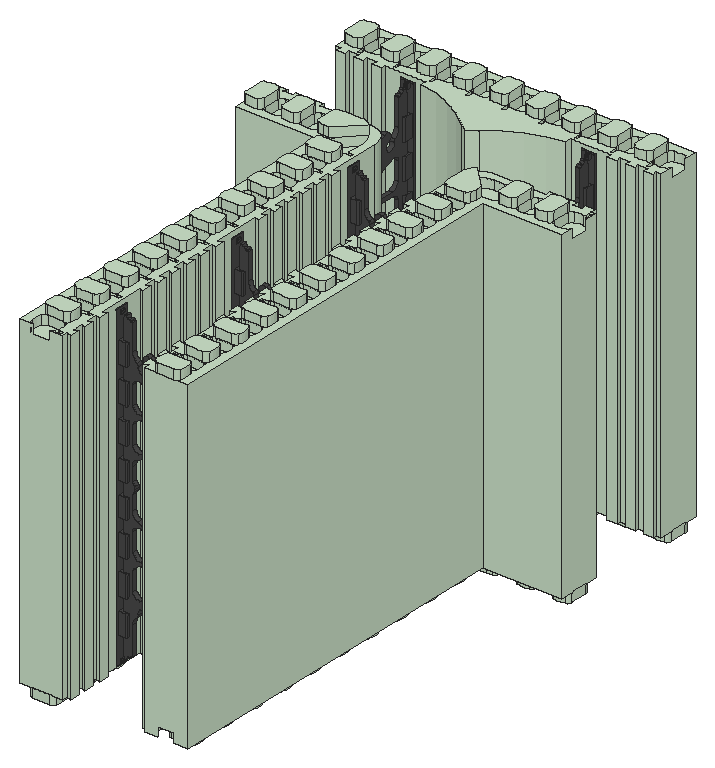
Revit family (continued)
Definition of nested family "4-inch Insert Web"
  Forms (in)
    Extrusion 2, solid, material "High Density Polystyrene"
      sketch origin (0, 0, 0) x (0, 1, 0) y (0, 0, 1)
        loop
          line (-2.11, 17.42461) -> (-2.11, 17.54582)
          arc (-2.11, 17.54582) -> (-2.11414, 17.56103) -> (-2.12543, 17.57204) r 0.03
        loop
          line (2.18889, 0.33798) -> (2.13111, 0.34119)
          arc (2.13111, 0.34119) -> (2.11625, 0.33575) -> (2.11, 0.32122) r 0.02
          line (2.11, 0.32122) -> (2.11, 0.20001)
          arc (2.11, 0.20001) -> (2.11414, 0.1848) -> (2.12543, 0.17379) r 0.03
          line (2.12543, 0.17379) -> (2.19457, 0.13538)
          arc (2.19457, 0.13538) -> (2.20585, 0.12437) -> (2.21, 0.10915) r 0.03
          line (2.21, 0.10915) -> (2.21, 0.35795)
          arc (2.21, 0.35795) -> (2.20374, 0.34342) -> (2.18889, 0.33798) r 0.02
        loop
          arc (-2.12543, 0.17379) -> (-2.11414, 0.1848) -> (-2.11, 0.20001) r 0.03
          line (-2.11, 0.20001) -> (-2.11, 0.32122)
          arc (-2.11, 0.32122) -> (-2.11625, 0.33575) -> (-2.13111, 0.34119) r 0.02
          line (-2.13111, 0.34119) -> (-2.18889, 0.33798)
          arc (-2.18889, 0.33798) -> (-2.20374, 0.34342) -> (-2.21, 0.35795) r 0.02
          line (-2.21, 0.35795) -> (-2.21, 0.10915)
          arc (-2.21, 0.10915) -> (-2.20585, 0.12437) -> (-2.19457, 0.13538) r 0.03
          line (-2.19457, 0.13538) -> (-2.12543, 0.17379)
        loop
          line (2, 17.20772) -> (1.925, 17.43772)
          arc (1.925, 17.43772) -> (1.875, 17.46772) -> (1.825, 17.43772) r 0.05667
          line (1.825, 17.43772) -> (1.77609, 17.28772) -> (1.64893, 17.28772)
          arc (1.64893, 17.28772) -> (1.61433, 17.27339) -> (1.6, 17.2388) r 0.04893
          line (1.6, 17.2388) -> (1.6, 17.20772) -> (1.5, 17.20772) -> (1.5, 15.75595)
          arc (1.5, 15.75595) -> (1.43087, 15.489) -> (1.24086, 15.28915) r 0.55
          arc (1.24086, 15.28915) -> (1.19232, 15.23289) -> (1.1843, 15.15901) r 0.125
          arc (1.1843, 15.15901) -> (0.73923, 14.83241) -> (0.77171, 15.3835) r 0.305
          arc (0.77171, 15.3835) -> (0.88403, 15.69146) -> (0.56557, 15.7692) r 0.22
          arc (0.56557, 15.7692) -> (0.29606, 15.63872) -> (0, 15.59389) r 1
          arc (0, 15.59389) -> (-0.29606, 15.63872) -> (-0.56557, 15.7692) r 1
          arc (-0.56557, 15.7692) -> (-0.88403, 15.69146) -> (-0.77171, 15.3835) r 0.22
          arc (-0.77171, 15.3835) -> (-0.73923, 14.83241) -> (-1.1843, 15.15901) r 0.305
          arc (-1.1843, 15.15901) -> (-1.19232, 15.23289) -> (-1.24086, 15.28915) r 0.125
          arc (-1.24086, 15.28915) -> (-1.43087, 15.489) -> (-1.5, 15.75595) r 0.55
          line (-1.5, 15.75595) -> (-1.5, 17.20772) -> (-1.6, 17.20772) -> (-1.6, 17.2388)
          arc (-1.6, 17.2388) -> (-1.61433, 17.27339) -> (-1.64893, 17.28772) r 0.04893
          line (-1.64893, 17.28772) -> (-1.77609, 17.28772) -> (-1.825, 17.43772)
          arc (-1.825, 17.43772) -> (-1.875, 17.46772) -> (-1.925, 17.43772) r 0.05667
          line (-1.925, 17.43772) -> (-2, 17.20772) -> (-2, 0.66519) -> (-1.925, 0.43519)
          arc (-1.925, 0.43519) -> (-1.875, 0.40519) -> (-1.825, 0.43519) r 0.05667
          line (-1.825, 0.43519) -> (-1.77609, 0.58519) -> (-1.64893, 0.58519)
          arc (-1.64893, 0.58519) -> (-1.61433, 0.59952) -> (-1.6, 0.63412) r 0.04893
          line (-1.6, 0.63412) -> (-1.6, 0.66519) -> (-1.5, 0.66519) -> (-1.5, 2.24405)
          arc (-1.5, 2.24405) -> (-1.43087, 2.511) -> (-1.24086, 2.71085) r 0.55
          arc (-1.24086, 2.71085) -> (-1.19232, 2.76711) -> (-1.1843, 2.84099) r 0.125
          arc (-1.1843, 2.84099) -> (-0.73923, 3.16759) -> (-0.77171, 2.6165) r 0.305
          arc (-0.77171, 2.6165) -> (-0.88403, 2.30854) -> (-0.56557, 2.2308) r 0.22
          arc (-0.56557, 2.2308) -> (-0.29606, 2.36128) -> (0, 2.40611) r 1
          arc (0, 2.40611) -> (0.29606, 2.36128) -> (0.56557, 2.2308) r 1
          arc (0.56557, 2.2308) -> (0.88403, 2.30854) -> (0.77171, 2.6165) r 0.22
          arc (0.77171, 2.6165) -> (0.73923, 3.16759) -> (1.1843, 2.84099) r 0.305
          arc (1.1843, 2.84099) -> (1.19232, 2.76711) -> (1.24086, 2.71085) r 0.125
          arc (1.24086, 2.71085) -> (1.43087, 2.511) -> (1.5, 2.24405) r 0.55
          line (1.5, 2.24405) -> (1.5, 0.66519) -> (1.6, 0.66519) -> (1.6, 0.63412)
          arc (1.6, 0.63412) -> (1.61433, 0.59952) -> (1.64893, 0.58519) r 0.04893
          line (1.64893, 0.58519) -> (1.77609, 0.58519) -> (1.825, 0.43519)
          arc (1.825, 0.43519) -> (1.875, 0.40519) -> (1.925, 0.43519) r 0.05667
          line (1.925, 0.43519) -> (2, 0.66519) -> (2, 17.20772)
        loop
          line (1.103, 14.44673) -> (0.32953, 14.08475)
          arc (0.32953, 14.08475) -> (0.17093, 13.84564) -> (0.06, 13.58104) r 1.52295
          line (0.06, 13.58104) -> (0.06, 13.02037)
          arc (0.06, 13.02037) -> (0.17285, 12.82194) -> (0.3725, 12.71127) r 0.42217
          line (0.3725, 12.71127) -> (1.125, 12.71127)
          arc (1.125, 12.71127) -> (1.35049, 12.86078) -> (1.5, 13.08627) r 0.68126
          line (1.5, 13.08627) -> (1.5, 14.11451)
          arc (1.5, 14.11451) -> (1.35557, 14.34523) -> (1.103, 14.44673) r 0.43974
        loop
          arc (-1.103, 14.44673) -> (-1.35557, 14.34523) -> (-1.5, 14.11451) r 0.43974
          line (-1.5, 14.11451) -> (-1.5, 13.08627)
          arc (-1.5, 13.08627) -> (-1.35049, 12.86078) -> (-1.125, 12.71127) r 0.68126
          line (-1.125, 12.71127) -> (-0.3725, 12.71127)
          arc (-0.3725, 12.71127) -> (-0.17285, 12.82194) -> (-0.06, 13.02037) r 0.42217
          line (-0.06, 13.02037) -> (-0.06, 13.58104)
          arc (-0.06, 13.58104) -> (-0.17093, 13.84564) -> (-0.32953, 14.08475) r 1.52295
          line (-0.32953, 14.08475) -> (-1.103, 14.44673)
        loop
          arc (1.103, 10.7958) -> (1.35557, 10.89731) -> (1.5, 11.12803) r 0.43974
          line (1.5, 11.12803) -> (1.5, 12.15627)
          arc (1.5, 12.15627) -> (1.35049, 12.38175) -> (1.125, 12.53127) r 0.68126
          line (1.125, 12.53127) -> (0.3725, 12.53127)
          arc (0.3725, 12.53127) -> (0.17285, 12.42059) -> (0.06, 12.22217) r 0.42217
          line (0.06, 12.22217) -> (0.06, 11.6615)
          arc (0.06, 11.6615) -> (0.17093, 11.39689) -> (0.32953, 11.15779) r 1.52295
          line (0.32953, 11.15779) -> (1.103, 10.7958)
        loop
          line (-1.103, 10.7958) -> (-0.32953, 11.15779)
          arc (-0.32953, 11.15779) -> (-0.17093, 11.39689) -> (-0.06, 11.6615) r 1.52295
          line (-0.06, 11.6615) -> (-0.06, 12.22217)
          arc (-0.06, 12.22217) -> (-0.17285, 12.42059) -> (-0.3725, 12.53127) r 0.42217
          line (-0.3725, 12.53127) -> (-1.125, 12.53127)
          arc (-1.125, 12.53127) -> (-1.35049, 12.38175) -> (-1.5, 12.15627) r 0.68126
          line (-1.5, 12.15627) -> (-1.5, 11.12803)
          arc (-1.5, 11.12803) -> (-1.35557, 10.89731) -> (-1.103, 10.7958) r 0.43974
        loop
          arc (0.42388, 10.91489) -> (0.21712, 10.98532) -> (0, 11.00917) r 1
          arc (0, 11.00917) -> (-0.21712, 10.98532) -> (-0.42388, 10.91489) r 1
          line (-0.42388, 10.91489) -> (-1.21194, 10.54608)
          arc (-1.21194, 10.54608) -> (-1.42188, 10.36158) -> (-1.5, 10.09322) r 0.5
          line (-1.5, 10.09322) -> (-1.5, 9.31235) -> (-1.38, 9.11235) -> (-1.38, 9) -> (-1.38, 8.88765) -> (-1.5, 8.68765) -> (-1.5, 7.90678)
          arc (-1.5, 7.90678) -> (-1.42188, 7.63842) -> (-1.21194, 7.45392) r 0.5
          line (-1.21194, 7.45392) -> (-0.42388, 7.08511)
          arc (-0.42388, 7.08511) -> (-0.21712, 7.01468) -> (0, 6.99083) r 1
          arc (0, 6.99083) -> (0.21712, 7.01468) -> (0.42388, 7.08511) r 1
          line (0.42388, 7.08511) -> (1.21194, 7.45392)
          arc (1.21194, 7.45392) -> (1.42188, 7.63842) -> (1.5, 7.90678) r 0.5
          line (1.5, 7.90678) -> (1.5, 8.68765) -> (1.38, 8.88765) -> (1.38, 9) -> (1.38, 9.11235) -> (1.5, 9.31235) -> (1.5, 10.09322)
          arc (1.5, 10.09322) -> (1.42188, 10.36158) -> (1.21194, 10.54608) r 0.5
          line (1.21194, 10.54608) -> (0.42388, 10.91489)
        loop
          arc (1.103, 3.55327) -> (1.35557, 3.65477) -> (1.5, 3.88549) r 0.43974
          line (1.5, 3.88549) -> (1.5, 4.91373)
          arc (1.5, 4.91373) -> (1.35049, 5.13922) -> (1.125, 5.28873) r 0.68126
          line (1.125, 5.28873) -> (0.3725, 5.28873)
          arc (0.3725, 5.28873) -> (0.17285, 5.17806) -> (0.06, 4.97963) r 0.42217
          line (0.06, 4.97963) -> (0.06, 4.41896)
          arc (0.06, 4.41896) -> (0.17093, 4.15436) -> (0.32953, 3.91525) r 1.52295
          line (0.32953, 3.91525) -> (1.103, 3.55327)
        loop
          line (-1.103, 3.55327) -> (-0.32953, 3.91525)
          arc (-0.32953, 3.91525) -> (-0.17093, 4.15436) -> (-0.06, 4.41896) r 1.52295
          line (-0.06, 4.41896) -> (-0.06, 4.97963)
          arc (-0.06, 4.97963) -> (-0.17285, 5.17806) -> (-0.3725, 5.28873) r 0.42217
          line (-0.3725, 5.28873) -> (-1.125, 5.28873)
          arc (-1.125, 5.28873) -> (-1.35049, 5.13922) -> (-1.5, 4.91373) r 0.68126
          line (-1.5, 4.91373) -> (-1.5, 3.88549)
          arc (-1.5, 3.88549) -> (-1.35557, 3.65477) -> (-1.103, 3.55327) r 0.43974
        loop
          line (1.103, 7.2042) -> (0.32953, 6.84221)
          arc (0.32953, 6.84221) -> (0.17093, 6.60311) -> (0.06, 6.3385) r 1.52295
          line (0.06, 6.3385) -> (0.06, 5.77783)
          arc (0.06, 5.77783) -> (0.17285, 5.57941) -> (0.3725, 5.46873) r 0.42217
          line (0.3725, 5.46873) -> (1.125, 5.46873)
          arc (1.125, 5.46873) -> (1.35049, 5.61825) -> (1.5, 5.84373) r 0.68126
          line (1.5, 5.84373) -> (1.5, 6.87197)
          arc (1.5, 6.87197) -> (1.35557, 7.10269) -> (1.103, 7.2042) r 0.43974
        loop
          arc (-1.103, 7.2042) -> (-1.35557, 7.10269) -> (-1.5, 6.87197) r 0.43974
          line (-1.5, 6.87197) -> (-1.5, 5.84373)
          arc (-1.5, 5.84373) -> (-1.35049, 5.61825) -> (-1.125, 5.46873) r 0.68126
          line (-1.125, 5.46873) -> (-0.3725, 5.46873)
          arc (-0.3725, 5.46873) -> (-0.17285, 5.57941) -> (-0.06, 5.77783) r 0.42217
          line (-0.06, 5.77783) -> (-0.06, 6.3385)
          arc (-0.06, 6.3385) -> (-0.17093, 6.60311) -> (-0.32953, 6.84221) r 1.52295
          line (-0.32953, 6.84221) -> (-1.103, 7.2042)
      from 0.125 to -0.125
    Extrusion 3, solid, material "High Density Polystyrene"
      sketch origin (0, 0, 0) x (0, 1, 0) y (0, 0, 1)
        loop
          line (2.21, 16.17792) -> (1.71, 16.17792) -> (1.71, 14.97792) -> (2.21, 14.97792) -> (2.21, 16.17792)
        loop
          line (2.21, 14.22792) -> (1.71, 14.22792) -> (1.71, 13.02792) -> (2.21, 13.02792) -> (2.21, 14.22792)
        loop
          line (2.21, 12.27792) -> (1.71, 12.27792) -> (1.71, 11.07792) -> (2.21, 11.07792) -> (2.21, 12.27792)
        loop
          line (2.21, 10.32792) -> (1.71, 10.32792) -> (1.71, 9.24792) -> (2.21, 9.24792) -> (2.21, 10.32792)
        loop
          line (2.21, 8.49792) -> (1.71, 8.49792) -> (1.71, 7.41792) -> (2.21, 7.41792) -> (2.21, 8.49792)
        loop
          line (2.21, 6.66792) -> (1.71, 6.66792) -> (1.71, 5.46792) -> (2.21, 5.46792) -> (2.21, 6.66792)
        loop
          line (2.21, 4.71792) -> (1.71, 4.71792) -> (1.71, 3.51792) -> (2.21, 3.51792) -> (2.21, 4.71792)
        loop
          line (2.21, 2.76792) -> (1.71, 2.76792) -> (1.71, 1.56792) -> (2.21, 1.56792) -> (2.21, 2.76792)
        loop
          line (-2.21, 16.17792) -> (-2.21, 14.97792) -> (-1.71, 14.97792) -> (-1.71, 16.17792) -> (-2.21, 16.17792)
        loop
          line (-2.21, 14.22792) -> (-2.21, 13.02792) -> (-1.71, 13.02792) -> (-1.71, 14.22792) -> (-2.21, 14.22792)
        loop
          line (-2.21, 12.27792) -> (-2.21, 11.07792) -> (-1.71, 11.07792) -> (-1.71, 12.27792) -> (-2.21, 12.27792)
        loop
          line (-2.21, 10.32792) -> (-2.21, 9.24792) -> (-1.71, 9.24792) -> (-1.71, 10.32792) -> (-2.21, 10.32792)
        loop
          line (-2.21, 8.49792) -> (-2.21, 7.41792) -> (-1.71, 7.41792) -> (-1.71, 8.49792) -> (-2.21, 8.49792)
        loop
          line (-2.21, 6.66792) -> (-2.21, 5.46792) -> (-1.71, 5.46792) -> (-1.71, 6.66792) -> (-2.21, 6.66792)
        loop
          line (-2.21, 4.71792) -> (-2.21, 3.51792) -> (-1.71, 3.51792) -> (-1.71, 4.71792) -> (-2.21, 4.71792)
        loop
          line (-2.21, 2.76792) -> (-2.21, 1.56792) -> (-1.71, 1.56792) -> (-1.71, 2.76792) -> (-2.21, 2.76792)
      from 0.25 to -0.25
    Extrusion 4, void
      sketch origin (0, -1, 0) x (1, 0, 0) y (0, 1, 0)
        loop
          line (-0.25, 2.79249) -> (-0.25, 2.71) -> (-0.1675, 2.71)
          arc (-0.1675, 2.71) -> (-0.22584, 2.73416) -> (-0.25, 2.79249) r 0.0825
      from 0 to 18
    Extrusion 5, void
      sketch origin (0, -1, 0) x (-1, 0, 0) y (0, -1, 0)
        loop
          arc (-0.25, -2.79249) -> (-0.22584, -2.73416) -> (-0.1675, -2.71) r 0.0825
          line (-0.1675, -2.71) -> (-0.25, -2.71) -> (-0.25, -2.79249)
      from 0 to 18
    Extrusion 6, void
      sketch origin (0, 1, 0) x (1, 0, 0) y (0, 1, 0)
        loop
          arc (-0.25, -2.79249) -> (-0.22584, -2.73416) -> (-0.1675, -2.71) r 0.0825
          line (-0.1675, -2.71) -> (-0.25, -2.71) -> (-0.25, -2.79249)
      from 0 to 18
    Extrusion 7, void
      sketch origin (0, 1, 0) x (-1, 0, 0) y (0, -1, 0)
        loop
          line (-0.25, 2.79249) -> (-0.25, 2.71) -> (-0.1675, 2.71)
          arc (-0.1675, 2.71) -> (-0.22584, 2.73416) -> (-0.25, 2.79249) r 0.0825
      from 0 to 18
  Cuts and joins
    Extrusion 4, Extrusion 5, Extrusion 6, Extrusion 7 cuts Extrusion 1
    Extrusion 4, Extrusion 5, Extrusion 6, Extrusion 7 cuts Extrusion 3
Definition of nested family "NUDURA Diamond Pattern"
  Reference planes (in)
    plane 1 "Center (Front/Back)": y = 0
    plane 2: z = 0
    plane 3 "Center (Left/Right)": x = 0
    plane 4: z = 18
  Lines and regions (in)
    model lines
      curve 1: line (8, -5.625, 18) -> (8, -5.625, 0)
      curve 2: line (6, -5.625, 18) -> (6, -5.625, 0)
      curve 3: line (2, -5.625, 18) -> (2, -5.625, 0)
      curve 4: line (3.35367, -5.625, 16.98484) -> (3.69709, -5.625, 16.64142)
      curve 5: arc (3.35367, -5.625, 17.51517) -> (3.24384, -5.625, 17.25) -> (3.35367, -5.625, 16.98484) r 0.375
      curve 6: line (3.72867, -5.625, 17.89017) -> (3.35367, -5.625, 17.51517)
      curve 7: arc (4.259, -5.625, 17.89017) -> (3.99384, -5.625, 18) -> (3.72867, -5.625, 17.89017) r 0.375
      curve 8: line (4.634, -5.625, 17.51517) -> (4.259, -5.625, 17.89017)
      curve 9: arc (4.634, -5.625, 16.98484) -> (4.74384, -5.625, 17.25) -> (4.634, -5.625, 17.51517) r 0.375
      curve 10: line (4.29059, -5.625, 16.64142) -> (4.634, -5.625, 16.98484)
      curve 11: arc (4.17062, -5.625, 17.80178) -> (3.99384, -5.625, 17.875) -> (3.81706, -5.625, 17.80178) r 0.25
      curve 12: line (4.54562, -5.625, 17.42678) -> (4.17062, -5.625, 17.80178)
      curve 13: arc (4.54562, -5.625, 17.07322) -> (4.61884, -5.625, 17.25) -> (4.54562, -5.625, 17.42678) r 0.25
      curve 14: line (4.17062, -5.625, 16.69822) -> (4.54562, -5.625, 17.07322)
      curve 15: arc (3.81706, -5.625, 16.69822) -> (3.99384, -5.625, 16.625) -> (4.17062, -5.625, 16.69822) r 0.25
      curve 16: line (3.44206, -5.625, 17.07322) -> (3.81706, -5.625, 16.69822)
      curve 17: arc (3.44206, -5.625, 17.42678) -> (3.36884, -5.625, 17.25) -> (3.44206, -5.625, 17.07322) r 0.25
      curve 18: line (3.81706, -5.625, 17.80178) -> (3.44206, -5.625, 17.42678)
      curve 19: arc (3.69709, -5.625, 16.35858) -> (3.75567, -5.625, 16.5) -> (3.69709, -5.625, 16.64142) r 0.2
      curve 20: line (4.634, -5.625, 16.01517) -> (4.29059, -5.625, 16.35858)
      curve 21: arc (4.634, -5.625, 15.48484) -> (4.74384, -5.625, 15.75) -> (4.634, -5.625, 16.01517) r 0.375
      curve 22: line (4.29059, -5.625, 15.14142) -> (4.634, -5.625, 15.48484)
      curve 23: line (3.35367, -5.625, 15.48484) -> (3.69709, -5.625, 15.14142)
      curve 24: arc (3.35367, -5.625, 16.01517) -> (3.24384, -5.625, 15.75) -> (3.35367, -5.625, 15.48484) r 0.375
      curve 25: line (3.69709, -5.625, 16.35858) -> (3.35367, -5.625, 16.01517)
      curve 26: arc (4.17062, -5.625, 16.30178) -> (3.99384, -5.625, 16.375) -> (3.81706, -5.625, 16.30178) r 0.25
      curve 27: line (3.81706, -5.625, 16.30178) -> (3.44206, -5.625, 15.92678)
      curve 28: arc (3.44206, -5.625, 15.92678) -> (3.36884, -5.625, 15.75) -> (3.44206, -5.625, 15.57322) r 0.25
      curve 29: line (3.44206, -5.625, 15.57322) -> (3.81706, -5.625, 15.19822)
      curve 30: arc (3.81706, -5.625, 15.19822) -> (3.99384, -5.625, 15.125) -> (4.17062, -5.625, 15.19822) r 0.25
      curve 31: line (4.17062, -5.625, 15.19822) -> (4.54562, -5.625, 15.57322)
      curve 32: arc (4.54562, -5.625, 15.57322) -> (4.61884, -5.625, 15.75) -> (4.54562, -5.625, 15.92678) r 0.25
      curve 33: line (4.54562, -5.625, 15.92678) -> (4.17062, -5.625, 16.30178)
      curve 34: arc (3.69709, -5.625, 14.85858) -> (3.75567, -5.625, 15) -> (3.69709, -5.625, 15.14142) r 0.2
      curve 35: line (4.634, -5.625, 14.51517) -> (4.29059, -5.625, 14.85858)
      curve 36: arc (4.634, -5.625, 13.98484) -> (4.74384, -5.625, 14.25) -> (4.634, -5.625, 14.51517) r 0.375
      curve 37: line (4.29059, -5.625, 13.64142) -> (4.634, -5.625, 13.98484)
      curve 38: line (3.35367, -5.625, 13.98484) -> (3.69709, -5.625, 13.64142)
      curve 39: arc (3.35367, -5.625, 14.51517) -> (3.24384, -5.625, 14.25) -> (3.35367, -5.625, 13.98484) r 0.375
      curve 40: line (3.69709, -5.625, 14.85858) -> (3.35367, -5.625, 14.51517)
      curve 41: arc (4.17062, -5.625, 14.80178) -> (3.99384, -5.625, 14.875) -> (3.81706, -5.625, 14.80178) r 0.25
      curve 42: line (3.81706, -5.625, 14.80178) -> (3.44206, -5.625, 14.42678)
      curve 43: arc (3.44206, -5.625, 14.42678) -> (3.36884, -5.625, 14.25) -> (3.44206, -5.625, 14.07322) r 0.25
      curve 44: line (3.44206, -5.625, 14.07322) -> (3.81706, -5.625, 13.69822)
      curve 45: arc (3.81706, -5.625, 13.69822) -> (3.99384, -5.625, 13.625) -> (4.17062, -5.625, 13.69822) r 0.25
      curve 46: line (4.17062, -5.625, 13.69822) -> (4.54562, -5.625, 14.07322)
      curve 47: arc (4.54562, -5.625, 14.07322) -> (4.61884, -5.625, 14.25) -> (4.54562, -5.625, 14.42678) r 0.25
      curve 48: line (4.54562, -5.625, 14.42678) -> (4.17062, -5.625, 14.80178)
      curve 49: arc (3.69709, -5.625, 13.35858) -> (3.75567, -5.625, 13.5) -> (3.69709, -5.625, 13.64142) r 0.2
      curve 50: line (4.634, -5.625, 13.01517) -> (4.29059, -5.625, 13.35858)
      curve 51: arc (4.634, -5.625, 12.48484) -> (4.74384, -5.625, 12.75) -> (4.634, -5.625, 13.01517) r 0.375
      curve 52: line (4.29059, -5.625, 12.14142) -> (4.634, -5.625, 12.48484)
      curve 53: line (3.35367, -5.625, 12.48484) -> (3.69709, -5.625, 12.14142)
      curve 54: arc (3.35367, -5.625, 13.01517) -> (3.24384, -5.625, 12.75) -> (3.35367, -5.625, 12.48484) r 0.375
      curve 55: line (3.69709, -5.625, 13.35858) -> (3.35367, -5.625, 13.01517)
      curve 56: arc (4.17062, -5.625, 13.30178) -> (3.99384, -5.625, 13.375) -> (3.81706, -5.625, 13.30178) r 0.25
      curve 57: line (3.81706, -5.625, 13.30178) -> (3.44206, -5.625, 12.92678)
      curve 58: arc (3.44206, -5.625, 12.92678) -> (3.36884, -5.625, 12.75) -> (3.44206, -5.625, 12.57322) r 0.25
      curve 59: line (3.44206, -5.625, 12.57322) -> (3.81706, -5.625, 12.19822)
      curve 60: arc (3.81706, -5.625, 12.19822) -> (3.99384, -5.625, 12.125) -> (4.17062, -5.625, 12.19822) r 0.25
      curve 61: line (4.17062, -5.625, 12.19822) -> (4.54562, -5.625, 12.57322)
      curve 62: arc (4.54562, -5.625, 12.57322) -> (4.61884, -5.625, 12.75) -> (4.54562, -5.625, 12.92678) r 0.25
      curve 63: line (4.54562, -5.625, 12.92678) -> (4.17062, -5.625, 13.30178)
      curve 64: arc (3.69709, -5.625, 11.85858) -> (3.75567, -5.625, 12) -> (3.69709, -5.625, 12.14142) r 0.2
      curve 65: line (4.634, -5.625, 11.51517) -> (4.29059, -5.625, 11.85858)
      curve 66: arc (4.634, -5.625, 10.98484) -> (4.74384, -5.625, 11.25) -> (4.634, -5.625, 11.51517) r 0.375
      curve 67: line (4.29059, -5.625, 10.64142) -> (4.634, -5.625, 10.98484)
      curve 68: line (3.35367, -5.625, 10.98484) -> (3.69709, -5.625, 10.64142)
      curve 69: arc (3.35367, -5.625, 11.51517) -> (3.24384, -5.625, 11.25) -> (3.35367, -5.625, 10.98484) r 0.375
      curve 70: line (3.69709, -5.625, 11.85858) -> (3.35367, -5.625, 11.51517)
      curve 71: arc (4.17062, -5.625, 11.80178) -> (3.99384, -5.625, 11.875) -> (3.81706, -5.625, 11.80178) r 0.25
      curve 72: line (3.81706, -5.625, 11.80178) -> (3.44206, -5.625, 11.42678)
      curve 73: arc (3.44206, -5.625, 11.42678) -> (3.36884, -5.625, 11.25) -> (3.44206, -5.625, 11.07322) r 0.25
      curve 74: line (3.44206, -5.625, 11.07322) -> (3.81706, -5.625, 10.69822)
      curve 75: arc (3.81706, -5.625, 10.69822) -> (3.99384, -5.625, 10.625) -> (4.17062, -5.625, 10.69822) r 0.25
      curve 76: line (4.17062, -5.625, 10.69822) -> (4.54562, -5.625, 11.07322)
      curve 77: arc (4.54562, -5.625, 11.07322) -> (4.61884, -5.625, 11.25) -> (4.54562, -5.625, 11.42678) r 0.25
      curve 78: line (4.54562, -5.625, 11.42678) -> (4.17062, -5.625, 11.80178)
      curve 79: arc (3.69709, -5.625, 10.35858) -> (3.75567, -5.625, 10.5) -> (3.69709, -5.625, 10.64142) r 0.2
      curve 80: line (4.634, -5.625, 10.01517) -> (4.29059, -5.625, 10.35858)
      curve 81: arc (4.634, -5.625, 9.48484) -> (4.74384, -5.625, 9.75) -> (4.634, -5.625, 10.01517) r 0.375
      curve 82: line (4.29059, -5.625, 9.14142) -> (4.634, -5.625, 9.48484)
      curve 83: line (3.35367, -5.625, 9.48484) -> (3.69709, -5.625, 9.14142)
      curve 84: arc (3.35367, -5.625, 10.01517) -> (3.24384, -5.625, 9.75) -> (3.35367, -5.625, 9.48484) r 0.375
      curve 85: line (3.69709, -5.625, 10.35858) -> (3.35367, -5.625, 10.01517)
      curve 86: arc (4.17062, -5.625, 10.30178) -> (3.99384, -5.625, 10.375) -> (3.81706, -5.625, 10.30178) r 0.25
      curve 87: line (3.81706, -5.625, 10.30178) -> (3.44206, -5.625, 9.92678)
      curve 88: arc (3.44206, -5.625, 9.92678) -> (3.36884, -5.625, 9.75) -> (3.44206, -5.625, 9.57322) r 0.25
      curve 89: line (3.44206, -5.625, 9.57322) -> (3.81706, -5.625, 9.19822)
      curve 90: arc (3.81706, -5.625, 9.19822) -> (3.99384, -5.625, 9.125) -> (4.17062, -5.625, 9.19822) r 0.25
      curve 91: line (4.17062, -5.625, 9.19822) -> (4.54562, -5.625, 9.57322)
      curve 92: arc (4.54562, -5.625, 9.57322) -> (4.61884, -5.625, 9.75) -> (4.54562, -5.625, 9.92678) r 0.25
      curve 93: line (4.54562, -5.625, 9.92678) -> (4.17062, -5.625, 10.30178)
      curve 94: arc (3.69709, -5.625, 8.85858) -> (3.75567, -5.625, 9) -> (3.69709, -5.625, 9.14142) r 0.2
      curve 95: line (4.634, -5.625, 8.51517) -> (4.29059, -5.625, 8.85858)
      curve 96: arc (4.634, -5.625, 7.98484) -> (4.74384, -5.625, 8.25) -> (4.634, -5.625, 8.51517) r 0.375
      curve 97: line (4.29059, -5.625, 7.64142) -> (4.634, -5.625, 7.98484)
      curve 98: line (3.35367, -5.625, 7.98484) -> (3.69709, -5.625, 7.64142)
      curve 99: arc (3.35367, -5.625, 8.51517) -> (3.24384, -5.625, 8.25) -> (3.35367, -5.625, 7.98484) r 0.375
      curve 100: line (3.69709, -5.625, 8.85858) -> (3.35367, -5.625, 8.51517)
      curve 101: arc (4.17062, -5.625, 8.80178) -> (3.99384, -5.625, 8.875) -> (3.81706, -5.625, 8.80178) r 0.25
      curve 102: line (3.81706, -5.625, 8.80178) -> (3.44206, -5.625, 8.42678)
      curve 103: arc (3.44206, -5.625, 8.42678) -> (3.36884, -5.625, 8.25) -> (3.44206, -5.625, 8.07322) r 0.25
      curve 104: line (3.44206, -5.625, 8.07322) -> (3.81706, -5.625, 7.69822)
      curve 105: arc (3.81706, -5.625, 7.69822) -> (3.99384, -5.625, 7.625) -> (4.17062, -5.625, 7.69822) r 0.25
      curve 106: line (4.17062, -5.625, 7.69822) -> (4.54562, -5.625, 8.07322)
      curve 107: arc (4.54562, -5.625, 8.07322) -> (4.61884, -5.625, 8.25) -> (4.54562, -5.625, 8.42678) r 0.25
      curve 108: line (4.54562, -5.625, 8.42678) -> (4.17062, -5.625, 8.80178)
      curve 109: arc (3.69709, -5.625, 7.35858) -> (3.75567, -5.625, 7.5) -> (3.69709, -5.625, 7.64142) r 0.2
      curve 110: line (4.634, -5.625, 7.01517) -> (4.29059, -5.625, 7.35858)
      curve 111: arc (4.634, -5.625, 6.48484) -> (4.74384, -5.625, 6.75) -> (4.634, -5.625, 7.01517) r 0.375
      curve 112: line (4.29059, -5.625, 6.14142) -> (4.634, -5.625, 6.48484)
      curve 113: line (3.35367, -5.625, 6.48484) -> (3.69709, -5.625, 6.14142)
      curve 114: arc (3.35367, -5.625, 7.01517) -> (3.24384, -5.625, 6.75) -> (3.35367, -5.625, 6.48484) r 0.375
      curve 115: line (3.69709, -5.625, 7.35858) -> (3.35367, -5.625, 7.01517)
      curve 116: arc (4.17062, -5.625, 7.30178) -> (3.99384, -5.625, 7.375) -> (3.81706, -5.625, 7.30178) r 0.25
      curve 117: line (3.81706, -5.625, 7.30178) -> (3.44206, -5.625, 6.92678)
      curve 118: arc (3.44206, -5.625, 6.92678) -> (3.36884, -5.625, 6.75) -> (3.44206, -5.625, 6.57322) r 0.25
      curve 119: line (3.44206, -5.625, 6.57322) -> (3.81706, -5.625, 6.19822)
      curve 120: arc (3.81706, -5.625, 6.19822) -> (3.99384, -5.625, 6.125) -> (4.17062, -5.625, 6.19822) r 0.25
      curve 121: line (4.17062, -5.625, 6.19822) -> (4.54562, -5.625, 6.57322)
      curve 122: arc (4.54562, -5.625, 6.57322) -> (4.61884, -5.625, 6.75) -> (4.54562, -5.625, 6.92678) r 0.25
      curve 123: line (4.54562, -5.625, 6.92678) -> (4.17062, -5.625, 7.30178)
      curve 124: arc (3.69709, -5.625, 5.85858) -> (3.75567, -5.625, 6) -> (3.69709, -5.625, 6.14142) r 0.2
      curve 125: line (4.634, -5.625, 5.51517) -> (4.29059, -5.625, 5.85858)
      curve 126: arc (4.634, -5.625, 4.98484) -> (4.74384, -5.625, 5.25) -> (4.634, -5.625, 5.51517) r 0.375
      curve 127: line (4.29059, -5.625, 4.64142) -> (4.634, -5.625, 4.98484)
      curve 128: line (3.35367, -5.625, 4.98484) -> (3.69709, -5.625, 4.64142)
      curve 129: arc (3.35367, -5.625, 5.51517) -> (3.24384, -5.625, 5.25) -> (3.35367, -5.625, 4.98484) r 0.375
      curve 130: line (3.69709, -5.625, 5.85858) -> (3.35367, -5.625, 5.51517)
      curve 131: arc (4.17062, -5.625, 5.80178) -> (3.99384, -5.625, 5.875) -> (3.81706, -5.625, 5.80178) r 0.25
      curve 132: line (3.81706, -5.625, 5.80178) -> (3.44206, -5.625, 5.42678)
      curve 133: arc (3.44206, -5.625, 5.42678) -> (3.36884, -5.625, 5.25) -> (3.44206, -5.625, 5.07322) r 0.25
      curve 134: line (3.44206, -5.625, 5.07322) -> (3.81706, -5.625, 4.69822)
      curve 135: arc (3.81706, -5.625, 4.69822) -> (3.99384, -5.625, 4.625) -> (4.17062, -5.625, 4.69822) r 0.25
      curve 136: line (4.17062, -5.625, 4.69822) -> (4.54562, -5.625, 5.07322)
      curve 137: arc (4.54562, -5.625, 5.07322) -> (4.61884, -5.625, 5.25) -> (4.54562, -5.625, 5.42678) r 0.25
      curve 138: line (4.54562, -5.625, 5.42678) -> (4.17062, -5.625, 5.80178)
      curve 139: arc (3.69709, -5.625, 4.35858) -> (3.75567, -5.625, 4.5) -> (3.69709, -5.625, 4.64142) r 0.2
      curve 140: line (4.634, -5.625, 4.01517) -> (4.29059, -5.625, 4.35858)
      curve 141: arc (4.634, -5.625, 3.48484) -> (4.74384, -5.625, 3.75) -> (4.634, -5.625, 4.01517) r 0.375
      curve 142: line (4.29059, -5.625, 3.14142) -> (4.634, -5.625, 3.48484)
      curve 143: line (3.35367, -5.625, 3.48484) -> (3.69709, -5.625, 3.14142)
      curve 144: arc (3.35367, -5.625, 4.01517) -> (3.24384, -5.625, 3.75) -> (3.35367, -5.625, 3.48484) r 0.375
      curve 145: line (3.69709, -5.625, 4.35858) -> (3.35367, -5.625, 4.01517)
      curve 146: arc (4.17062, -5.625, 4.30178) -> (3.99384, -5.625, 4.375) -> (3.81706, -5.625, 4.30178) r 0.25
      curve 147: line (3.81706, -5.625, 4.30178) -> (3.44206, -5.625, 3.92678)
      curve 148: arc (3.44206, -5.625, 3.92678) -> (3.36884, -5.625, 3.75) -> (3.44206, -5.625, 3.57322) r 0.25
      curve 149: line (3.44206, -5.625, 3.57322) -> (3.81706, -5.625, 3.19822)
      curve 150: arc (3.81706, -5.625, 3.19822) -> (3.99384, -5.625, 3.125) -> (4.17062, -5.625, 3.19822) r 0.25
      curve 151: line (4.17062, -5.625, 3.19822) -> (4.54562, -5.625, 3.57322)
      curve 152: arc (4.54562, -5.625, 3.57322) -> (4.61884, -5.625, 3.75) -> (4.54562, -5.625, 3.92678) r 0.25
      curve 153: line (4.54562, -5.625, 3.92678) -> (4.17062, -5.625, 4.30178)
      curve 154: arc (3.69709, -5.625, 2.85858) -> (3.75567, -5.625, 3) -> (3.69709, -5.625, 3.14142) r 0.2
      curve 155: line (4.634, -5.625, 2.51517) -> (4.29059, -5.625, 2.85858)
      curve 156: arc (4.634, -5.625, 1.98484) -> (4.74384, -5.625, 2.25) -> (4.634, -5.625, 2.51517) r 0.375
      curve 157: line (4.29059, -5.625, 1.64142) -> (4.634, -5.625, 1.98484)
      curve 158: line (3.35367, -5.625, 1.98484) -> (3.69709, -5.625, 1.64142)
      curve 159: arc (3.35367, -5.625, 2.51517) -> (3.24384, -5.625, 2.25) -> (3.35367, -5.625, 1.98484) r 0.375
      curve 160: line (3.69709, -5.625, 2.85858) -> (3.35367, -5.625, 2.51517)
      curve 161: arc (4.17062, -5.625, 2.80178) -> (3.99384, -5.625, 2.875) -> (3.81706, -5.625, 2.80178) r 0.25
      curve 162: line (3.81706, -5.625, 2.80178) -> (3.44206, -5.625, 2.42678)
      curve 163: arc (3.44206, -5.625, 2.42678) -> (3.36884, -5.625, 2.25) -> (3.44206, -5.625, 2.07322) r 0.25
      curve 164: line (3.44206, -5.625, 2.07322) -> (3.81706, -5.625, 1.69822)
      curve 165: arc (3.81706, -5.625, 1.69822) -> (3.99384, -5.625, 1.625) -> (4.17062, -5.625, 1.69822) r 0.25
      curve 166: line (4.17062, -5.625, 1.69822) -> (4.54562, -5.625, 2.07322)
      curve 167: arc (4.54562, -5.625, 2.07322) -> (4.61884, -5.625, 2.25) -> (4.54562, -5.625, 2.42678) r 0.25
      curve 168: line (4.54562, -5.625, 2.42678) -> (4.17062, -5.625, 2.80178)
      curve 169: arc (3.69709, -5.625, 1.35858) -> (3.75567, -5.625, 1.5) -> (3.69709, -5.625, 1.64142) r 0.2
      curve 170: line (3.69709, -5.625, 1.35858) -> (3.35367, -5.625, 1.01517)
      curve 171: arc (3.35367, -5.625, 1.01517) -> (3.24384, -5.625, 0.75) -> (3.35367, -5.625, 0.48484) r 0.375
      curve 172: line (3.35367, -5.625, 0.48484) -> (3.72867, -5.625, 0.10984)
      curve 173: arc (3.72867, -5.625, 0.10984) -> (3.99384, -5.625, 0) -> (4.259, -5.625, 0.10984) r 0.375
      curve 174: line (4.259, -5.625, 0.10984) -> (4.634, -5.625, 0.48484)
      curve 175: arc (4.634, -5.625, 0.48484) -> (4.74384, -5.625, 0.75) -> (4.634, -5.625, 1.01517) r 0.375
      curve 176: line (4.634, -5.625, 1.01517) -> (4.29059, -5.625, 1.35858)
      curve 177: arc (4.29059, -5.625, 1.64142) -> (4.23201, -5.625, 1.5) -> (4.29059, -5.625, 1.35858) r 0.2
      curve 178: arc (4.17062, -5.625, 1.30178) -> (3.99384, -5.625, 1.375) -> (3.81706, -5.625, 1.30178) r 0.25
      curve 179: line (4.54562, -5.625, 0.92678) -> (4.17062, -5.625, 1.30178)
      curve 180: arc (4.54562, -5.625, 0.57322) -> (4.61884, -5.625, 0.75) -> (4.54562, -5.625, 0.92678) r 0.25
      curve 181: line (4.17062, -5.625, 0.19822) -> (4.54562, -5.625, 0.57322)
      curve 182: arc (3.81706, -5.625, 0.19822) -> (3.99384, -5.625, 0.125) -> (4.17062, -5.625, 0.19822) r 0.25
      curve 183: line (3.44206, -5.625, 0.57322) -> (3.81706, -5.625, 0.19822)
      curve 184: arc (3.44206, -5.625, 0.92678) -> (3.36884, -5.625, 0.75) -> (3.44206, -5.625, 0.57322) r 0.25
      curve 185: line (3.81706, -5.625, 1.30178) -> (3.44206, -5.625, 0.92678)
      curve 186: arc (4.29059, -5.625, 3.14142) -> (4.23201, -5.625, 3) -> (4.29059, -5.625, 2.85858) r 0.2
      curve 187: arc (4.29059, -5.625, 4.64142) -> (4.23201, -5.625, 4.5) -> (4.29059, -5.625, 4.35858) r 0.2
      curve 188: arc (4.29059, -5.625, 6.14142) -> (4.23201, -5.625, 6) -> (4.29059, -5.625, 5.85858) r 0.2
      curve 189: arc (4.29059, -5.625, 7.64142) -> (4.23201, -5.625, 7.5) -> (4.29059, -5.625, 7.35858) r 0.2
      curve 190: arc (4.29059, -5.625, 9.14142) -> (4.23201, -5.625, 9) -> (4.29059, -5.625, 8.85858) r 0.2
      curve 191: arc (4.29059, -5.625, 10.64142) -> (4.23201, -5.625, 10.5) -> (4.29059, -5.625, 10.35858) r 0.2
      curve 192: arc (4.29059, -5.625, 12.14142) -> (4.23201, -5.625, 12) -> (4.29059, -5.625, 11.85858) r 0.2
      curve 193: arc (4.29059, -5.625, 13.64142) -> (4.23201, -5.625, 13.5) -> (4.29059, -5.625, 13.35858) r 0.2
      curve 194: arc (4.29059, -5.625, 15.14142) -> (4.23201, -5.625, 15) -> (4.29059, -5.625, 14.85858) r 0.2
      curve 195: arc (4.29059, -5.625, 16.64142) -> (4.23201, -5.625, 16.5) -> (4.29059, -5.625, 16.35858) r 0.2
Definition of nested family "NUDURA Logo Diamond"
  Reference planes (in)
    plane 1 "Center (Front/Back)": y = 0
    plane 2: z = 0
    plane 3 "Center (Left/Right)": x = 0
  Lines and regions (in)
    model lines
      curve 1: line (12.59848, 0, 17.50104) -> (12.24492, 0, 17.85459)
      curve 2: line (12.36113, 0, 16.76872) -> (12.59848, 0, 17.00607)
      curve 3: line (12.59848, 0, 16.00104) -> (12.36113, 0, 16.23839)
      curve 4: line (12.36113, 0, 15.26872) -> (12.59848, 0, 15.50607)
      curve 5: line (12.59848, 0, 14.50104) -> (12.36113, 0, 14.73839)
      curve 6: line (12.36113, 0, 13.76872) -> (12.59848, 0, 14.00607)
      curve 7: line (12.17421, 0, 13.28388) -> (12.71208, 0, 12.74602)
      curve 8: line (12.71208, 0, 12.74602) -> (12.78279, 0, 12.81673)
      curve 9: line (11.28279, 0, 12.74602) -> (11.82066, 0, 13.28388)
      curve 10: line (11.63374, 0, 13.23839) -> (11.21208, 0, 12.81673)
      curve 11: line (11.3964, 0, 14.00607) -> (11.63374, 0, 13.76872)
      curve 12: line (11.63374, 0, 14.73839) -> (11.3964, 0, 14.50104)
      curve 13: line (11.3964, 0, 15.50607) -> (11.63374, 0, 15.26872)
      curve 14: line (11.63374, 0, 16.23839) -> (11.3964, 0, 16.00104)
      curve 15: line (11.3964, 0, 17.00607) -> (11.63374, 0, 16.76872)
      curve 16: line (11.74995, 0, 17.85459) -> (11.3964, 0, 17.50104)
      curve 17: line (11.82066, 0, 17.78388) -> (11.46711, 0, 17.43033)
      curve 18: line (12.52777, 0, 17.43033) -> (12.17421, 0, 17.78388)
      curve 19: line (12.17421, 0, 16.72322) -> (12.52777, 0, 17.07678)
      curve 20: line (11.46711, 0, 17.07678) -> (11.82066, 0, 16.72322)
      curve 21: arc (11.3964, 0, 17.50104) -> (11.29388, 0, 17.25355) -> (11.3964, 0, 17.00607) r 0.35
      curve 22: arc (11.74995, 0, 17.85459) -> (11.99744, 0, 17.95711) -> (12.24492, 0, 17.85459) r 0.35
      curve 23: arc (11.46711, 0, 17.43033) -> (11.39388, 0, 17.25355) -> (11.46711, 0, 17.07678) r 0.25
      curve 24: arc (12.52777, 0, 17.43033) -> (12.60099, 0, 17.25355) -> (12.52777, 0, 17.07678) r 0.25
      curve 25: arc (12.17421, 0, 16.72322) -> (11.99744, 0, 16.65) -> (11.82066, 0, 16.72322) r 0.25
      curve 26: arc (11.82066, 0, 17.78388) -> (11.99744, 0, 17.85711) -> (12.17421, 0, 17.78388) r 0.25
      curve 27: arc (12.59848, 0, 17.50104) -> (12.70099, 0, 17.25355) -> (12.59848, 0, 17.00607) r 0.35
      curve 28: arc (11.63374, 0, 16.76872) -> (11.74358, 0, 16.50355) -> (11.63374, 0, 16.23839) r 0.375
      curve 29: arc (12.36113, 0, 16.76872) -> (12.2513, 0, 16.50355) -> (12.36113, 0, 16.23839) r 0.375
      curve 30: line (12.36113, 0, 15.26872) -> (12.59848, 0, 15.50607)
      curve 31: line (11.3964, 0, 15.50607) -> (11.63374, 0, 15.26872)
      curve 32: line (11.82066, 0, 16.28388) -> (11.46711, 0, 15.93033)
      curve 33: line (12.52777, 0, 15.93033) -> (12.17421, 0, 16.28388)
      curve 34: line (12.17421, 0, 15.22322) -> (12.52777, 0, 15.57678)
      curve 35: line (11.46711, 0, 15.57678) -> (11.82066, 0, 15.22322)
      curve 36: arc (11.3964, 0, 16.00104) -> (11.29388, 0, 15.75355) -> (11.3964, 0, 15.50607) r 0.35
      curve 37: arc (11.46711, 0, 15.93033) -> (11.39388, 0, 15.75355) -> (11.46711, 0, 15.57678) r 0.25
      curve 38: arc (12.52777, 0, 15.93033) -> (12.60099, 0, 15.75355) -> (12.52777, 0, 15.57678) r 0.25
      curve 39: arc (12.17421, 0, 15.22322) -> (11.99744, 0, 15.15) -> (11.82066, 0, 15.22322) r 0.25
      curve 40: arc (11.82066, 0, 16.28388) -> (11.99744, 0, 16.35711) -> (12.17421, 0, 16.28388) r 0.25
      curve 41: arc (12.59848, 0, 16.00104) -> (12.70099, 0, 15.75355) -> (12.59848, 0, 15.50607) r 0.35
      curve 42: line (11.63374, 0, 16.23839) -> (11.3964, 0, 16.00104)
      curve 43: line (12.59848, 0, 16.00104) -> (12.36113, 0, 16.23839)
      curve 44: arc (11.63374, 0, 15.26872) -> (11.74358, 0, 15.00355) -> (11.63374, 0, 14.73839) r 0.375
      curve 45: arc (12.36113, 0, 15.26872) -> (12.2513, 0, 15.00355) -> (12.36113, 0, 14.73839) r 0.375
      curve 46: line (12.36113, 0, 13.76872) -> (12.59848, 0, 14.00607)
      curve 47: line (11.3964, 0, 14.00607) -> (11.63374, 0, 13.76872)
      curve 48: line (11.82066, 0, 14.78388) -> (11.46711, 0, 14.43033)
      curve 49: line (12.52777, 0, 14.43033) -> (12.17421, 0, 14.78388)
      curve 50: line (12.17421, 0, 13.72322) -> (12.52777, 0, 14.07678)
      curve 51: line (11.46711, 0, 14.07678) -> (11.82066, 0, 13.72322)
      curve 52: arc (11.3964, 0, 14.50104) -> (11.29388, 0, 14.25355) -> (11.3964, 0, 14.00607) r 0.35
      curve 53: arc (11.46711, 0, 14.43033) -> (11.39388, 0, 14.25355) -> (11.46711, 0, 14.07678) r 0.25
      curve 54: arc (12.52777, 0, 14.43033) -> (12.60099, 0, 14.25355) -> (12.52777, 0, 14.07678) r 0.25
      curve 55: arc (12.17421, 0, 13.72322) -> (11.99744, 0, 13.65) -> (11.82066, 0, 13.72322) r 0.25
      curve 56: arc (11.82066, 0, 14.78388) -> (11.99744, 0, 14.85711) -> (12.17421, 0, 14.78388) r 0.25
      curve 57: arc (12.59848, 0, 14.50104) -> (12.70099, 0, 14.25355) -> (12.59848, 0, 14.00607) r 0.35
      curve 58: line (11.63374, 0, 14.73839) -> (11.3964, 0, 14.50104)
      curve 59: arc (11.63374, 0, 13.76872) -> (11.74358, 0, 13.50355) -> (11.63374, 0, 13.23839) r 0.375
      curve 60: arc (12.36113, 0, 13.76872) -> (12.2513, 0, 13.50355) -> (12.36113, 0, 13.23839) r 0.375
      curve 61: line (12.78279, 0, 12.81673) -> (12.36113, 0, 13.23839)
      curve 62: line (11.21208, 0, 12.81673) -> (11.28279, 0, 12.74602)
      curve 63: arc (11.82066, 0, 13.28388) -> (11.99744, 0, 13.35711) -> (12.17421, 0, 13.28388) r 0.25
      curve 64: line (12.59848, 0, 0.50607) -> (12.24492, 0, 0.15251)
      curve 65: line (12.36113, 0, 1.23839) -> (12.59848, 0, 1.00104)
      curve 66: line (12.59848, 0, 2.00607) -> (12.36113, 0, 1.76872)
      curve 67: line (12.36113, 0, 2.73839) -> (12.59848, 0, 2.50104)
      curve 68: line (12.59848, 0, 3.50607) -> (12.36113, 0, 3.26872)
      curve 69: line (12.36113, 0, 4.23839) -> (12.59848, 0, 4.00104)
      curve 70: line (12.17421, 0, 4.72322) -> (12.71208, 0, 5.26109)
      curve 71: line (12.71208, 0, 5.26109) -> (12.78279, 0, 5.19038)
      curve 72: line (11.28279, 0, 5.26109) -> (11.82066, 0, 4.72322)
      curve 73: line (11.63374, 0, 4.76872) -> (11.21208, 0, 5.19038)
      curve 74: line (11.3964, 0, 4.00104) -> (11.63374, 0, 4.23839)
      curve 75: line (11.63374, 0, 3.26872) -> (11.3964, 0, 3.50607)
      curve 76: line (11.3964, 0, 2.50104) -> (11.63374, 0, 2.73839)
      curve 77: line (11.63374, 0, 1.76872) -> (11.3964, 0, 2.00607)
      curve 78: line (11.3964, 0, 1.00104) -> (11.63374, 0, 1.23839)
      curve 79: line (11.74995, 0, 0.15251) -> (11.3964, 0, 0.50607)
      curve 80: line (11.82066, 0, 0.22322) -> (11.46711, 0, 0.57678)
      curve 81: line (12.52777, 0, 0.57678) -> (12.17421, 0, 0.22322)
      curve 82: line (12.17421, 0, 1.28388) -> (12.52777, 0, 0.93033)
      curve 83: line (11.46711, 0, 0.93033) -> (11.82066, 0, 1.28388)
      curve 84: arc (11.3964, 0, 0.50607) -> (11.29388, 0, 0.75355) -> (11.3964, 0, 1.00104) r 0.35
      curve 85: arc (11.74995, 0, 0.15251) -> (11.99744, 0, 0.05) -> (12.24492, 0, 0.15251) r 0.35
      curve 86: arc (11.46711, 0, 0.57678) -> (11.39388, 0, 0.75355) -> (11.46711, 0, 0.93033) r 0.25
      curve 87: arc (12.52777, 0, 0.57678) -> (12.60099, 0, 0.75355) -> (12.52777, 0, 0.93033) r 0.25
      curve 88: arc (12.17421, 0, 1.28388) -> (11.99744, 0, 1.35711) -> (11.82066, 0, 1.28388) r 0.25
      curve 89: arc (11.82066, 0, 0.22322) -> (11.99744, 0, 0.15) -> (12.17421, 0, 0.22322) r 0.25
      curve 90: arc (12.59848, 0, 0.50607) -> (12.70099, 0, 0.75355) -> (12.59848, 0, 1.00104) r 0.35
      curve 91: arc (11.63374, 0, 1.23839) -> (11.74358, 0, 1.50355) -> (11.63374, 0, 1.76872) r 0.375
      curve 92: arc (12.36113, 0, 1.23839) -> (12.2513, 0, 1.50355) -> (12.36113, 0, 1.76872) r 0.375
      curve 93: line (12.36113, 0, 2.73839) -> (12.59848, 0, 2.50104)
      curve 94: line (11.3964, 0, 2.50104) -> (11.63374, 0, 2.73839)
      curve 95: line (11.82066, 0, 1.72322) -> (11.46711, 0, 2.07678)
      curve 96: line (12.52777, 0, 2.07678) -> (12.17421, 0, 1.72322)
      curve 97: line (12.17421, 0, 2.78388) -> (12.52777, 0, 2.43033)
      curve 98: line (11.46711, 0, 2.43033) -> (11.82066, 0, 2.78388)
      curve 99: arc (11.3964, 0, 2.00607) -> (11.29388, 0, 2.25355) -> (11.3964, 0, 2.50104) r 0.35
      curve 100: arc (11.46711, 0, 2.07678) -> (11.39388, 0, 2.25355) -> (11.46711, 0, 2.43033) r 0.25
      curve 101: arc (12.52777, 0, 2.07678) -> (12.60099, 0, 2.25355) -> (12.52777, 0, 2.43033) r 0.25
      curve 102: arc (12.17421, 0, 2.78388) -> (11.99744, 0, 2.85711) -> (11.82066, 0, 2.78388) r 0.25
      curve 103: arc (11.82066, 0, 1.72322) -> (11.99744, 0, 1.65) -> (12.17421, 0, 1.72322) r 0.25
      curve 104: arc (12.59848, 0, 2.00607) -> (12.70099, 0, 2.25355) -> (12.59848, 0, 2.50104) r 0.35
      curve 105: line (11.63374, 0, 1.76872) -> (11.3964, 0, 2.00607)
      curve 106: line (12.59848, 0, 2.00607) -> (12.36113, 0, 1.76872)
      curve 107: arc (11.63374, 0, 2.73839) -> (11.74358, 0, 3.00355) -> (11.63374, 0, 3.26872) r 0.375
      curve 108: arc (12.36113, 0, 2.73839) -> (12.2513, 0, 3.00355) -> (12.36113, 0, 3.26872) r 0.375
      curve 109: line (12.36113, 0, 4.23839) -> (12.59848, 0, 4.00104)
      curve 110: line (11.3964, 0, 4.00104) -> (11.63374, 0, 4.23839)
      curve 111: line (11.82066, 0, 3.22322) -> (11.46711, 0, 3.57678)
      curve 112: line (12.52777, 0, 3.57678) -> (12.17421, 0, 3.22322)
      curve 113: line (12.17421, 0, 4.28388) -> (12.52777, 0, 3.93033)
      curve 114: line (11.46711, 0, 3.93033) -> (11.82066, 0, 4.28388)
      curve 115: arc (11.3964, 0, 3.50607) -> (11.29388, 0, 3.75355) -> (11.3964, 0, 4.00104) r 0.35
      curve 116: arc (11.46711, 0, 3.57678) -> (11.39388, 0, 3.75355) -> (11.46711, 0, 3.93033) r 0.25
      curve 117: arc (12.52777, 0, 3.57678) -> (12.60099, 0, 3.75355) -> (12.52777, 0, 3.93033) r 0.25
      curve 118: arc (12.17421, 0, 4.28388) -> (11.99744, 0, 4.35711) -> (11.82066, 0, 4.28388) r 0.25
      curve 119: arc (11.82066, 0, 3.22322) -> (11.99744, 0, 3.15) -> (12.17421, 0, 3.22322) r 0.25
      curve 120: arc (12.59848, 0, 3.50607) -> (12.70099, 0, 3.75355) -> (12.59848, 0, 4.00104) r 0.35
      curve 121: line (11.63374, 0, 3.26872) -> (11.3964, 0, 3.50607)
      curve 122: arc (11.63374, 0, 4.23839) -> (11.74358, 0, 4.50355) -> (11.63374, 0, 4.76872) r 0.375
      curve 123: arc (12.36113, 0, 4.23839) -> (12.2513, 0, 4.50355) -> (12.36113, 0, 4.76872) r 0.375
      curve 124: line (12.78279, 0, 5.19038) -> (12.36113, 0, 4.76872)
      curve 125: line (11.21208, 0, 5.19038) -> (11.28279, 0, 5.26109)
      curve 126: arc (11.82066, 0, 4.72322) -> (11.99744, 0, 4.65) -> (12.17421, 0, 4.72322) r 0.25
      curve 127: line (12.37244, 0, 12.50355) -> (11.62244, 0, 12.50355)
      curve 128: line (12.74744, 0, 5.87855) -> (12.74744, 0, 12.12855)
      curve 129: line (11.24744, 0, 12.12855) -> (11.24744, 0, 5.87855)
      curve 130: line (11.62244, 0, 5.50355) -> (12.37244, 0, 5.50355)
      curve 131: line (12.47232, 0, 12.00355) -> (12.0393, 0, 12.25355)
      curve 132: line (12.47232, 0, 11.50355) -> (12.47232, 0, 12.00355)
      curve 133: line (12.25581, 0, 11.37855) -> (12.47232, 0, 11.50355)
      curve 134: line (12.02256, 0, 11.51322) -> (12.25581, 0, 11.37855)
      curve 135: line (12.22232, 0, 11.62855) -> (12.02256, 0, 11.51322)
      curve 136: line (11.80605, 0, 12.11888) -> (12.22232, 0, 11.87855)
      curve 137: line (12.22232, 0, 11.87855) -> (12.22232, 0, 11.62855)
      curve 138: line (12.0393, 0, 12.25355) -> (11.80605, 0, 12.11888)
      curve 139: line (11.77256, 0, 11.63822) -> (11.97232, 0, 11.75355)
      curve 140: line (11.97232, 0, 11.75355) -> (11.73906, 0, 11.88822)
      curve 141: line (11.73906, 0, 11.88822) -> (11.52256, 0, 11.76322)
      curve 142: line (11.52256, 0, 11.76322) -> (11.52256, 0, 11.26322)
      curve 143: line (11.77256, 0, 11.38822) -> (11.77256, 0, 11.63822)
      curve 144: line (12.18882, 0, 11.14789) -> (11.77256, 0, 11.38822)
      curve 145: line (11.95557, 0, 11.01322) -> (12.18882, 0, 11.14789)
      curve 146: line (11.52256, 0, 11.26322) -> (11.95557, 0, 11.01322)
      curve 147: line (12.31108, 0, 10.60411) -> (11.68379, 0, 10.74458)
      curve 148: line (11.68379, 0, 10.74458) -> (11.68379, 0, 10.51321)
      curve 149: line (11.68379, 0, 10.51321) -> (12.1295, 0, 10.41405)
      curve 150: line (12.1295, 0, 10.41405) -> (11.68379, 0, 10.27358)
      curve 151: line (11.68379, 0, 10.27358) -> (11.68379, 0, 9.8852)
      curve 152: line (11.68379, 0, 9.8852) -> (12.17077, 0, 9.77615)
      curve 153: line (12.17077, 0, 9.77615) -> (12.17077, 0, 9.74472)
      curve 154: line (12.17077, 0, 9.74472) -> (11.86146, 0, 9.80279)
      curve 155: line (11.68379, 0, 9.65536) -> (11.68379, 0, 9.35864)
      curve 156: line (12.07077, 0, 8.74385) -> (12.07077, 0, 8.99996)
      curve 157: line (12.07077, 0, 8.99996) -> (11.68379, 0, 9.08605)
      curve 158: line (11.68379, 0, 9.08605) -> (11.68379, 0, 8.47809)
      curve 159: line (11.91823, 0, 9.06589) -> (12.31108, 0, 8.97792)
      curve 160: line (11.82444, 0, 8.55476) -> (11.82444, 0, 8.79865)
      curve 161: line (11.82444, 0, 8.79865) -> (12.07077, 0, 8.74385)
      curve 162: line (11.68379, 0, 8.07193) -> (11.68379, 0, 7.77522)
      curve 163: line (11.91823, 0, 7.48247) -> (12.21108, 0, 7.41688)
      curve 164: line (12.21108, 0, 7.41688) -> (12.21108, 0, 6.95405)
      curve 165: line (12.16108, 0, 6.90405) -> (12.12077, 0, 6.90405)
      curve 166: line (12.07077, 0, 6.95405) -> (12.07077, 0, 7.08675)
      curve 167: line (12.07077, 0, 7.08675) -> (12.12077, 0, 7.07556)
      curve 168: line (12.12077, 0, 7.07556) -> (12.12077, 0, 7.33463)
      curve 169: line (12.12077, 0, 7.33463) -> (11.68379, 0, 7.43249)
      curve 170: line (11.68379, 0, 7.43249) -> (11.68379, 0, 7.17341)
      curve 171: line (11.68379, 0, 7.17341) -> (11.97077, 0, 7.10915)
      curve 172: line (11.97077, 0, 7.10915) -> (11.97077, 0, 6.99425)
      curve 173: line (11.92077, 0, 6.94425) -> (11.68379, 0, 6.94425)
      curve 174: line (11.68379, 0, 6.94425) -> (11.68379, 0, 6.45682)
      curve 175: line (11.68379, 0, 6.45682) -> (11.78284, 0, 6.38658)
      curve 176: line (11.78284, 0, 6.38658) -> (11.78284, 0, 6.05178)
      curve 177: line (12.12371, 0, 6.14486) -> (11.88284, 0, 6.31567)
      curve 178: line (11.88284, 0, 6.31567) -> (11.88284, 0, 6.07909)
      curve 179: line (11.88284, 0, 6.07909) -> (12.12371, 0, 6.14486)
      curve 180: line (11.78284, 0, 6.05178) -> (11.68379, 0, 6.02474)
      curve 181: line (11.68379, 0, 6.02474) -> (11.68379, 0, 5.75355)
      curve 182: line (11.68379, 0, 5.75355) -> (12.31108, 0, 5.92483)
      curve 183: line (12.31108, 0, 5.92483) -> (12.31108, 0, 6.28791)
      curve 184: line (12.31108, 0, 6.28791) -> (11.76249, 0, 6.67694)
      curve 185: line (11.76249, 0, 6.67694) -> (11.90321, 0, 6.67694)
      curve 186: line (12.31108, 0, 6.78674) -> (12.31108, 0, 7.63562)
      curve 187: line (12.31108, 0, 7.63562) -> (11.90258, 0, 7.7271)
      curve 188: line (11.82444, 0, 7.82469) -> (11.82444, 0, 7.92839)
      curve 189: line (11.88536, 0, 7.97718) -> (12.31108, 0, 7.88185)
      curve 190: line (12.31108, 0, 7.88185) -> (12.31108, 0, 8.13496)
      curve 191: line (12.31108, 0, 8.13496) -> (12.08042, 0, 8.17826)
      curve 192: line (12.31108, 0, 8.38353) -> (12.31108, 0, 8.9465)
      curve 193: line (12.31108, 0, 8.9465) -> (12.17077, 0, 8.97771)
      curve 194: line (12.17077, 0, 8.97771) -> (12.17077, 0, 8.55476)
      curve 195: line (12.31108, 0, 8.97792) -> (12.31108, 0, 9.21905)
      curve 196: line (12.31108, 0, 9.21905) -> (11.90258, 0, 9.31053)
      curve 197: line (11.82444, 0, 9.40811) -> (11.82444, 0, 9.51182)
      curve 198: line (11.87938, 0, 9.56195) -> (12.31108, 0, 9.46528)
      curve 199: line (12.31108, 0, 9.46528) -> (12.31108, 0, 9.98469)
      curve 200: line (12.31108, 0, 9.98469) -> (11.90664, 0, 10.07526)
      curve 201: line (11.90664, 0, 10.07526) -> (12.31108, 0, 10.20747)
      curve 202: line (12.31108, 0, 10.20747) -> (12.31108, 0, 10.60411)
      curve 203: arc (11.68379, 0, 9.65536) -> (11.73801, 0, 9.7708) -> (11.86146, 0, 9.80279) r 0.15
      curve 204: arc (11.68379, 0, 9.35864) -> (11.74962, 0, 9.17112) -> (11.91823, 0, 9.06589) r 0.3
      curve 205: arc (11.84417, 0, 8.22149) -> (11.72718, 0, 8.32679) -> (11.68379, 0, 8.47809) r 0.28547
      curve 206: arc (11.68379, 0, 8.07193) -> (11.73147, 0, 8.18158) -> (11.84417, 0, 8.22149) r 0.14992
      curve 207: arc (11.68379, 0, 7.77522) -> (11.74962, 0, 7.58769) -> (11.91823, 0, 7.48247) r 0.3
      curve 208: arc (11.82444, 0, 7.82469) -> (11.84638, 0, 7.76218) -> (11.90258, 0, 7.7271) r 0.1
      curve 209: arc (11.82444, 0, 7.92839) -> (11.84318, 0, 7.96742) -> (11.88536, 0, 7.97718) r 0.05
      curve 210: arc (12.12077, 0, 6.90405) -> (12.08541, 0, 6.91869) -> (12.07077, 0, 6.95405) r 0.05
      curve 211: arc (12.16108, 0, 6.90405) -> (12.19644, 0, 6.91869) -> (12.21108, 0, 6.95405) r 0.05
      curve 212: arc (11.97077, 0, 6.99425) -> (11.95612, 0, 6.95889) -> (11.92077, 0, 6.94425) r 0.05
      curve 213: arc (11.90321, 0, 6.67694) -> (11.96756, 0, 6.70069) -> (12.00104, 0, 6.76055) r 0.09904
      curve 214: arc (12.00104, 0, 6.76055) -> (12.1681, 0, 6.63117) -> (12.31108, 0, 6.78674) r 0.15613
      curve 215: arc (12.08042, 0, 8.17826) -> (12.24181, 0, 8.22914) -> (12.31108, 0, 8.38353) r 0.20667
      curve 216: arc (11.82444, 0, 8.55476) -> (11.9976, 0, 8.3816) -> (12.17077, 0, 8.55476) r 0.17317
      curve 217: arc (11.82444, 0, 9.40811) -> (11.84638, 0, 9.34561) -> (11.90258, 0, 9.31053) r 0.1
      curve 218: arc (11.82444, 0, 9.51182) -> (11.8459, 0, 9.55306) -> (11.892, 0, 9.55913) r 0.05034
      curve 219: arc (11.24744, 0, 12.12855) -> (11.35727, 0, 12.39372) -> (11.62244, 0, 12.50355) r 0.375
      curve 220: arc (12.37244, 0, 12.50355) -> (12.6376, 0, 12.39372) -> (12.74744, 0, 12.12855) r 0.375
      curve 221: arc (11.24744, 0, 5.87855) -> (11.35727, 0, 5.61339) -> (11.62244, 0, 5.50355) r 0.375
      curve 222: arc (12.37244, 0, 5.50355) -> (12.6376, 0, 5.61339) -> (12.74744, 0, 5.87855) r 0.375
      curve 223: line (9.99744, 0, 18) -> (9.99744, 0, 0)
      curve 224: line (13.99744, 0, 18) -> (13.99744, 0, 0)
      curve 225: line (15.99744, 0, 18) -> (15.99744, 0, 0)
Definition of nested family "NUDURA Diamond Pattern Missing Two Lines"
  Reference planes (in)
    plane 1 "Center (Front/Back)": y = 0
    plane 2: z = 0
    plane 3 "Center (Left/Right)": x = 0
    plane 4: z = 18
  Lines and regions (in)
    model lines
      curve 1: line (2, -5.625, 18) -> (2, -5.625, 0)
      curve 2: line (3.35367, -5.625, 16.98484) -> (3.69709, -5.625, 16.64142)
      curve 3: arc (3.35367, -5.625, 17.51517) -> (3.24384, -5.625, 17.25) -> (3.35367, -5.625, 16.98484) r 0.375
      curve 4: line (3.72867, -5.625, 17.89017) -> (3.35367, -5.625, 17.51517)
      curve 5: arc (4.259, -5.625, 17.89017) -> (3.99384, -5.625, 18) -> (3.72867, -5.625, 17.89017) r 0.375
      curve 6: line (4.634, -5.625, 17.51517) -> (4.259, -5.625, 17.89017)
      curve 7: arc (4.634, -5.625, 16.98484) -> (4.74384, -5.625, 17.25) -> (4.634, -5.625, 17.51517) r 0.375
      curve 8: line (4.29059, -5.625, 16.64142) -> (4.634, -5.625, 16.98484)
      curve 9: arc (4.17062, -5.625, 17.80178) -> (3.99384, -5.625, 17.875) -> (3.81706, -5.625, 17.80178) r 0.25
      curve 10: line (4.54562, -5.625, 17.42678) -> (4.17062, -5.625, 17.80178)
      curve 11: arc (4.54562, -5.625, 17.07322) -> (4.61884, -5.625, 17.25) -> (4.54562, -5.625, 17.42678) r 0.25
      curve 12: line (4.17062, -5.625, 16.69822) -> (4.54562, -5.625, 17.07322)
      curve 13: arc (3.81706, -5.625, 16.69822) -> (3.99384, -5.625, 16.625) -> (4.17062, -5.625, 16.69822) r 0.25
      curve 14: line (3.44206, -5.625, 17.07322) -> (3.81706, -5.625, 16.69822)
      curve 15: arc (3.44206, -5.625, 17.42678) -> (3.36884, -5.625, 17.25) -> (3.44206, -5.625, 17.07322) r 0.25
      curve 16: line (3.81706, -5.625, 17.80178) -> (3.44206, -5.625, 17.42678)
      curve 17: arc (3.69709, -5.625, 16.35858) -> (3.75567, -5.625, 16.5) -> (3.69709, -5.625, 16.64142) r 0.2
